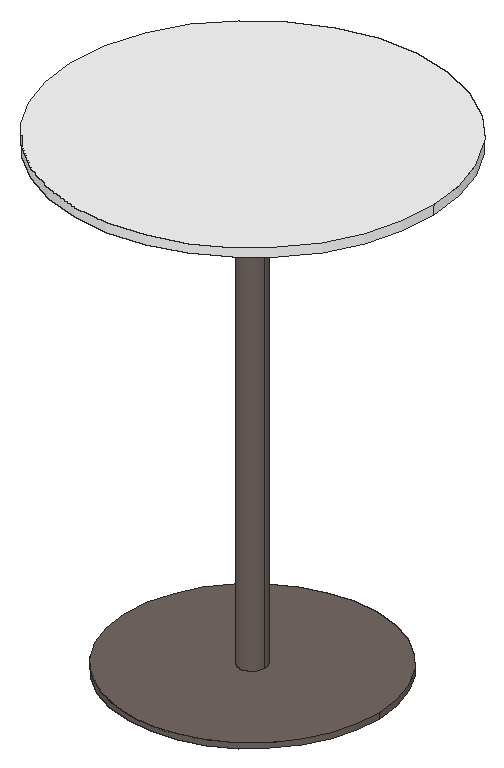
Revit family "FU_Table_Sandler_Nume 9-3FH", category Furniture, Revit 2020
Family settings
  OmniClass Number = 23.40.20.00
  OmniClass Title = General Furniture and Specialties
  Work Plane-Based = No
  Always vertical = Yes
  Cut with Voids When Loaded = No
  Shared = No
  Room Calculation Point = No
Parameters (values of type "NUME 9.3FH HPL/Fenix Top")
  Width = Depth  # 500 mm
  URL = "https://www.sandlerseating.com/product/nume-9-3FH/"
  Top Type = Nume_HPL_Top : Nume HPL 500x12mm
  Top Finish = HPL - Solid - White
  Model = "Nume 9.3FH"
  Manufacturer = "Sandler"
  Height = 660 mm
  Description = "Fixed height side table, with 50cm HPL top and steel base."
  Depth = 500 mm  # constant formula
  Default Elevation = 0 mm
  Base Finish = Epoxy - M2 - Rust Brown
Types (3, lengths in mm): name | Top Type | Top Finish | Description | Base Finish
  (no name) | Nume_HPL_Top : Nume HPL 500x12mm | HPL - Solid - White | "Fixed height side table, with 50cm HPL top and steel base." | Epoxy - M2 - Rust Brown
  NUME 9.3FH HPL/Fenix Top | Nume_HPL_Top : Nume HPL 500x12mm | HPL - Solid - White | "Fixed height side table, with 50cm HPL top and steel base." | Epoxy - M2 - Rust Brown
  Nume 9.3FH Wood/Laminate Top | Nume_Wood_Top : Nume Wood 500x19mm | Wood - Oak - Walnut | "Fixed height side table, with 50cm wood top and steel base." | Epoxy - M1_B00 - Black
Reference planes
  plane 1 "Center (Front/Back)": y = 0
  plane 2: z = 0
  plane 3 "Center (Left/Right)": x = 0
  plane 4 "Right": x = -250
  plane 5 "Left": x = 250
  plane 6 "Back": y = 250
  plane 7 "Front": y = -250
  plane 8 "Height": z = 660
  plane 9 "Top Base": z = 648
Forms (mm)
  Extrusion 1, solid, material "Epoxy - M2 - Rust Brown" <- "Base Finish"
    sketch origin (0, 0, 0) x (1, 0, 0) y (0, 1, 0)
      loop
        circle (0, 0) r 175
    from 0 to 7
  Revolve 2, solid, material "Epoxy - M2 - Rust Brown" <- "Base Finish"
    sketch origin (0, 0, 0) x (1, 0, 0) y (0, 0, 1)
      loop
        line (-12.5, 648) -> (-14.5, 648)
        arc (-14.5, 648) -> (-16.621, 647.121) -> (-17.5, 645) r 3
        line (-17.5, 645) -> (-17.5, 7) -> (-12.5, 7) -> (-12.5, 648)
      axis (0, 648) -> (0, 7)
    angle from 0 to 360
  Extrusion 3, solid, material "Epoxy - M2 - Rust Brown" <- "Base Finish"
    sketch origin (0, 0, 648) x (-1, 0, 0) y (0, -1, 0)
      loop
        circle (0, 0) r 75
    from 0 to -4.04
Cuts and joins
  joined: Extrusion 1, Revolve 2
Dimensions and locks
  equal spacing: plane 4 "Right", plane 3 "Center (Left/Right)", plane 5 "Left"
  "Width": plane 4 "Right" to plane 5 "Left"
  equal spacing: plane 6 "Back", plane 1 "Center (Front/Back)", plane 7 "Front"
  "Depth": plane 6 "Back" to plane 7 "Front"
  "Height": plane 8 "Height" to level
  plane 9 "Top Base" to level = 648 mm
  locked: plane 8 "Height" to plane 9 "Top Base" at 12
  aligned and locked: level to plane 2
Automatic sketch dimensions
  plane 1 "Center (Front/Back)" to Extrusion 1 sketch curve = 0 mm
  Extrusion 1 sketch curve to plane 3 "Center (Left/Right)" = 0 mm
  Revolve 2 sketch curve to plane 3 "Center (Left/Right)" = 0 mm
  Revolve 2 sketch curve to plane 3 "Center (Left/Right)" = 12.5 mm
  Revolve 2 sketch curve to Revolve 2 sketch curve = 2 mm
  Revolve 2 sketch curve to Revolve 2 sketch curve = 5 mm
  plane 1 "Center (Front/Back)" to Extrusion 3 sketch curve = 0 mm
  Extrusion 3 sketch curve to plane 3 "Center (Left/Right)" = 0 mm
  level to Revolve 2 sketch curve = 7 mm
  Revolve 2 sketch curve to Revolve 2 sketch curve = 207.542 mm
  Revolve 2 sketch curve to Revolve 2 sketch curve = 177 mm
  Revolve 2 sketch curve to plane 9 "Top Base" = 3 mm
  radius of Extrusion 1 sketch curve = 175 mm
  radius of Extrusion 3 sketch curve = 75 mm
Nested families
  nested 1: "Nume_HPL_Top" at (0, 0, 0), type <- "Top Type", Top Elevation <- "Height", Top Finish <- "Top Finish", type "Nume HPL 500x12mm"
    with Top Finish HPL - Solid - White, Top Elevation 660 mm
Definition of nested family "Nume_HPL_Top"
  Parameters (values of type "Nume HPL 500x12mm")
    Width = 500 mm
    Top Elevation [instance] = 750 mm
    Top Finish [instance] = none
    Depth = Width  # 500 mm
    Default Elevation = 0 mm
  Types (2, lengths in mm): name | Width | Depth
    Nume HPL 400x12mm | 400 | 400
    Nume HPL 500x12mm | 500 | 500
  Reference planes
    plane 1 "Center (Front/Back)": y = 0
    plane 2: z = 0
    plane 3 "Center (Left/Right)": x = 0
    plane 4 "Right": x = -250
    plane 5 "Left": x = 250
    plane 6 "Back": y = 250
    plane 7 "Front": y = -250
    plane 8 "Elevation": z = 750
    plane 9 "Thickness": z = 738
  Forms (mm)
    Extrusion 1, solid, material <- "Top Finish"
      sketch origin (-50, 0, 750) x (-1, 0, 0) y (0, -1, 0)
        loop
          circle (-50, 0) r 250
      from 0 to -12
  Dimensions and locks
    equal spacing: plane 4 "Right", plane 3 "Center (Left/Right)", plane 5 "Left"
    "Width": plane 4 "Right" to plane 5 "Left"
    equal spacing: plane 6 "Back", plane 1 "Center (Front/Back)", plane 7 "Front"
    "Depth": plane 6 "Back" to plane 7 "Front"
    "Top Elevation": plane 8 "Elevation" to level
    plane 9 "Thickness" to level = 738 mm
    locked: plane 8 "Elevation" to plane 9 "Thickness" at 12
    aligned and locked: level to plane 2
    aligned and locked: Extrusion 1 to plane 9 "Thickness"
    aligned and locked: plane 8 "Elevation" to Extrusion 1
    aligned and locked: Extrusion 1 to plane 8 "Elevation"  (x2)
  Automatic sketch dimensions
    plane 1 "Center (Front/Back)" to Extrusion 1 sketch curve = 0 mm
    Extrusion 1 sketch curve to plane 3 "Center (Left/Right)" = 0 mm
    radius of Extrusion 1 sketch curve = 250 mm
